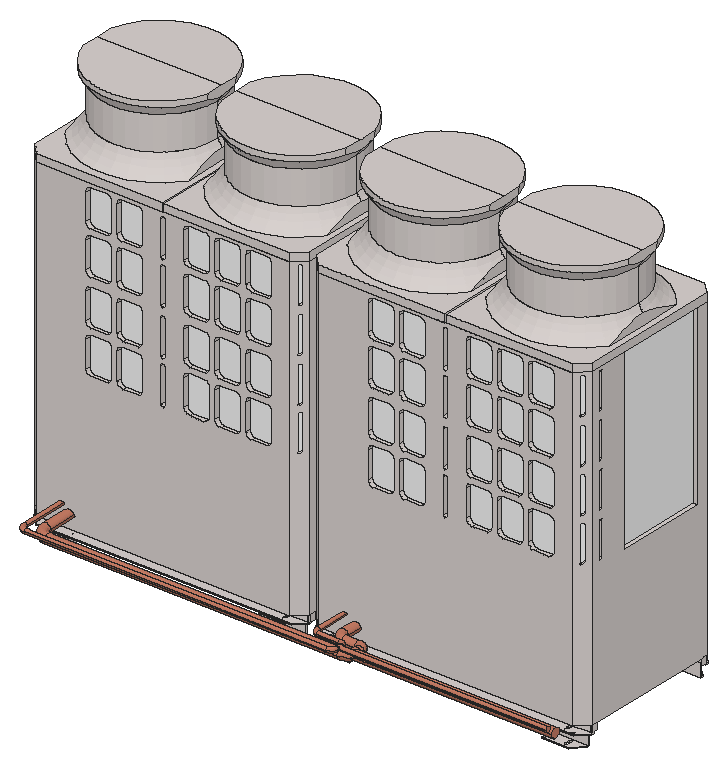
Revit family "PUHY-P850YSNW-A1", category Mechanical Equipment, Revit 2016 (continued)
Definition of nested family "PUHY-P400YNW-A1"
  Lines and regions (mm)
    model lines
      curve 51: line (-620, 215.7, 1521) -> (-620, 215.7, 705)
      curve 52: line (-620, 235.7, 705) -> (-620, -162.3, 705)
      curve 53: line (-620, 176.7, 268) -> (-620, -103.3, 268)
      curve 54: line (-620, -103.3, 248) -> (-620, 176.7, 248)
      curve 55: arc (-620, 186.7, 258) -> (-620, 183.771, 265.071) -> (-620, 176.7, 268) r 10
      curve 56: arc (-620, 176.7, 248) -> (-620, 183.771, 250.929) -> (-620, 186.7, 258) r 10
      curve 57: arc (-620, -103.3, 268) -> (-620, -110.371, 265.071) -> (-620, -113.3, 258) r 10
      curve 58: arc (-620, -113.3, 258) -> (-620, -110.371, 250.929) -> (-620, -103.3, 248) r 10
      curve 59: line (-620, 176.7, 373) -> (-620, -103.3, 373)
      curve 60: line (-620, -103.3, 353) -> (-620, 176.7, 353)
      curve 61: arc (-620, 186.7, 363) -> (-620, 183.771, 370.071) -> (-620, 176.7, 373) r 10
      curve 62: arc (-620, 176.7, 353) -> (-620, 183.771, 355.929) -> (-620, 186.7, 363) r 10
      curve 63: arc (-620, -103.3, 373) -> (-620, -110.371, 370.071) -> (-620, -113.3, 363) r 10
      curve 64: arc (-620, -113.3, 363) -> (-620, -110.371, 355.929) -> (-620, -103.3, 353) r 10
      curve 65: line (-620, 176.7, 478) -> (-620, -103.3, 478)
      curve 66: line (-620, -103.3, 458) -> (-620, 176.7, 458)
      curve 67: arc (-620, 186.7, 468) -> (-620, 183.771, 475.071) -> (-620, 176.7, 478) r 10
      curve 68: arc (-620, 176.7, 458) -> (-620, 183.771, 460.929) -> (-620, 186.7, 468) r 10
      curve 69: arc (-620, -103.3, 478) -> (-620, -110.371, 475.071) -> (-620, -113.3, 468) r 10
      curve 70: arc (-620, -113.3, 468) -> (-620, -110.371, 460.929) -> (-620, -103.3, 458) r 10
      curve 71: line (-620, 176.7, 583) -> (-620, -103.3, 583)
      curve 72: line (-620, -103.3, 563) -> (-620, 176.7, 563)
      curve 73: arc (-620, 186.7, 573) -> (-620, 183.771, 580.071) -> (-620, 176.7, 583) r 10
      curve 74: arc (-620, 176.7, 563) -> (-620, 183.771, 565.929) -> (-620, 186.7, 573) r 10
      curve 75: arc (-620, -103.3, 583) -> (-620, -110.371, 580.071) -> (-620, -113.3, 573) r 10
      curve 76: arc (-620, -113.3, 573) -> (-620, -110.371, 565.929) -> (-620, -103.3, 563) r 10
      curve 77: line (-544, 370, 1521) -> (-544, 370, 95)
      curve 78: line (489, 370, 649) -> (30, 370, 649)
      curve 79: line (-30.5, 370, 649) -> (-544, 370, 649)
      curve 80: line (-147.25, 370, 584) -> (-427.25, 370, 584)
      curve 81: line (-427.25, 370, 564) -> (-147.25, 370, 564)
      curve 82: arc (-137.25, 370, 574) -> (-140.179, 370, 581.071) -> (-147.25, 370, 584) r 10
      curve 83: arc (-147.25, 370, 564) -> (-140.179, 370, 566.929) -> (-137.25, 370, 574) r 10
      curve 84: arc (-427.25, 370, 584) -> (-434.321, 370, 581.071) -> (-437.25, 370, 574) r 10
      curve 85: arc (-437.25, 370, 574) -> (-434.321, 370, 566.929) -> (-427.25, 370, 564) r 10
      curve 86: circle (448, -185, 1521) r 15 normal (0, 0, 1)
      curve 87: circle (468, -185, 95) r 26 normal (0, 0, 1)
      curve 88: circle (448, -260, 95) r 32.5 normal (0, 0, 1)
      curve 89: circle (404, -204, 95) r 17 normal (0, 0, 1)
      curve 90: line (-550, -370, 1521) -> (-550, -370, 95)
      curve 91: line (-550, -370, 716) -> (-30, -370, 716)
      curve 92: line (550, -370, 95) -> (550, -370, 1521)
      curve 93: line (30, -370, 716) -> (550, -370, 716)
      curve 94: line (-30.5, 370, 1521) -> (-30.5, 370, 95)
      curve 95: line (30, 370, 1521) -> (30, 370, 95)
      curve 96: line (489, 370, 1521) -> (489, 370, 95)
      curve 97: line (467, 370, 669) -> (467, 370, 649)
      curve 98: line (-352, -370, 223) -> (-550, -370, 223)
      curve 99: line (-342, -370, 213) -> (-342, -370, 95)
      curve 100: arc (-342, -370, 213) -> (-344.929, -370, 220.071) -> (-352, -370, 223) r 10
      curve 101: circle (488, -370, 160) r 32.5 normal (0, -1, 0)
      curve 102: circle (488, -370, 160) r 20 normal (0, -1, 0)
      curve 103: circle (364, -370, 150) r 17 normal (0, -1, 0)
      curve 104: circle (413, -370, 185) r 26 normal (0, -1, 0)
      curve 105: circle (413, -370, 185) r 13.5 normal (0, -1, 0)
      curve 106: line (352, -370, 223) -> (550, -370, 223)
      curve 107: line (342, -370, 213) -> (342, -370, 95)
      curve 108: arc (342, -370, 213) -> (344.929, -370, 220.071) -> (352, -370, 223) r 10
      curve 109: line (-147.25, 370, 479) -> (-427.25, 370, 479)
      curve 110: line (-427.25, 370, 459) -> (-147.25, 370, 459)
      curve 111: arc (-137.25, 370, 469) -> (-140.179, 370, 476.071) -> (-147.25, 370, 479) r 10
      curve 112: arc (-147.25, 370, 459) -> (-140.179, 370, 461.929) -> (-137.25, 370, 469) r 10
      curve 113: arc (-427.25, 370, 479) -> (-434.321, 370, 476.071) -> (-437.25, 370, 469) r 10
      curve 114: arc (-437.25, 370, 469) -> (-434.321, 370, 461.929) -> (-427.25, 370, 459) r 10
      curve 115: line (-147.25, 370, 374) -> (-427.25, 370, 374)
      curve 116: line (-427.25, 370, 354) -> (-147.25, 370, 354)
      curve 117: arc (-137.25, 370, 364) -> (-140.179, 370, 371.071) -> (-147.25, 370, 374) r 10
      curve 118: arc (-147.25, 370, 354) -> (-140.179, 370, 356.929) -> (-137.25, 370, 364) r 10
      curve 119: arc (-427.25, 370, 374) -> (-434.321, 370, 371.071) -> (-437.25, 370, 364) r 10
      curve 120: arc (-437.25, 370, 364) -> (-434.321, 370, 356.929) -> (-427.25, 370, 354) r 10
      curve 121: line (-147.25, 370, 269) -> (-427.25, 370, 269)
      curve 122: line (-427.25, 370, 249) -> (-147.25, 370, 249)
      curve 123: arc (-137.25, 370, 259) -> (-140.179, 370, 266.071) -> (-147.25, 370, 269) r 10
      curve 124: arc (-147.25, 370, 249) -> (-140.179, 370, 251.929) -> (-137.25, 370, 259) r 10
      curve 125: arc (-427.25, 370, 269) -> (-434.321, 370, 266.071) -> (-437.25, 370, 259) r 10
      curve 126: arc (-437.25, 370, 259) -> (-434.321, 370, 251.929) -> (-427.25, 370, 249) r 10
      curve 127: line (399.5, 370, 584) -> (119.5, 370, 584)
      curve 128: line (119.5, 370, 564) -> (399.5, 370, 564)
      curve 129: arc (409.5, 370, 574) -> (406.571, 370, 581.071) -> (399.5, 370, 584) r 10
      curve 130: arc (399.5, 370, 564) -> (406.571, 370, 566.929) -> (409.5, 370, 574) r 10
      curve 131: arc (119.5, 370, 584) -> (112.429, 370, 581.071) -> (109.5, 370, 574) r 10
      curve 132: arc (109.5, 370, 574) -> (112.429, 370, 566.929) -> (119.5, 370, 564) r 10
      curve 133: line (399.5, 370, 479) -> (119.5, 370, 479)
      curve 134: line (119.5, 370, 459) -> (399.5, 370, 459)
      curve 135: arc (409.5, 370, 469) -> (406.571, 370, 476.071) -> (399.5, 370, 479) r 10
      curve 136: arc (399.5, 370, 459) -> (406.571, 370, 461.929) -> (409.5, 370, 469) r 10
      curve 137: arc (119.5, 370, 479) -> (112.429, 370, 476.071) -> (109.5, 370, 469) r 10
      curve 138: arc (109.5, 370, 469) -> (112.429, 370, 461.929) -> (119.5, 370, 459) r 10
      curve 139: line (399.5, 370, 374) -> (119.5, 370, 374)
      curve 140: line (119.5, 370, 354) -> (399.5, 370, 354)
      curve 141: arc (409.5, 370, 364) -> (406.571, 370, 371.071) -> (399.5, 370, 374) r 10
      curve 142: arc (399.5, 370, 354) -> (406.571, 370, 356.929) -> (409.5, 370, 364) r 10
      curve 143: arc (119.5, 370, 374) -> (112.429, 370, 371.071) -> (109.5, 370, 364) r 10
      curve 144: arc (109.5, 370, 364) -> (112.429, 370, 356.929) -> (119.5, 370, 354) r 10
      curve 145: line (399.5, 370, 269) -> (119.5, 370, 269)
      curve 146: line (119.5, 370, 249) -> (399.5, 370, 249)
      curve 147: arc (409.5, 370, 259) -> (406.571, 370, 266.071) -> (399.5, 370, 269) r 10
      curve 148: arc (399.5, 370, 249) -> (406.571, 370, 251.929) -> (409.5, 370, 259) r 10
      curve 149: arc (119.5, 370, 269) -> (112.429, 370, 266.071) -> (109.5, 370, 259) r 10
      curve 150: arc (109.5, 370, 259) -> (112.429, 370, 251.929) -> (119.5, 370, 249) r 10
      curve 151: line (399.5, -370, 584) -> (119.5, -370, 584)
      curve 152: line (119.5, -370, 564) -> (399.5, -370, 564)
      curve 153: arc (409.5, -370, 574) -> (406.571, -370, 581.071) -> (399.5, -370, 584) r 10
      curve 154: arc (399.5, -370, 564) -> (406.571, -370, 566.929) -> (409.5, -370, 574) r 10
      curve 155: arc (119.5, -370, 584) -> (112.429, -370, 581.071) -> (109.5, -370, 574) r 10
      curve 156: arc (109.5, -370, 574) -> (112.429, -370, 566.929) -> (119.5, -370, 564) r 10
      curve 157: line (399.5, -370, 479) -> (119.5, -370, 479)
      curve 158: line (119.5, -370, 459) -> (399.5, -370, 459)
      curve 159: arc (409.5, -370, 469) -> (406.571, -370, 476.071) -> (399.5, -370, 479) r 10
      curve 160: arc (399.5, -370, 459) -> (406.571, -370, 461.929) -> (409.5, -370, 469) r 10
      curve 161: arc (119.5, -370, 479) -> (112.429, -370, 476.071) -> (109.5, -370, 469) r 10
      curve 162: arc (109.5, -370, 469) -> (112.429, -370, 461.929) -> (119.5, -370, 459) r 10
      curve 163: line (399.5, -370, 374) -> (119.5, -370, 374)
      curve 164: line (119.5, -370, 354) -> (399.5, -370, 354)
      curve 165: arc (409.5, -370, 364) -> (406.571, -370, 371.071) -> (399.5, -370, 374) r 10
      curve 166: arc (399.5, -370, 354) -> (406.571, -370, 356.929) -> (409.5, -370, 364) r 10
      curve 167: arc (119.5, -370, 374) -> (112.429, -370, 371.071) -> (109.5, -370, 364) r 10
      curve 168: arc (109.5, -370, 364) -> (112.429, -370, 356.929) -> (119.5, -370, 354) r 10
      curve 169: arc (119.5, -370, 269) -> (112.429, -370, 266.071) -> (109.5, -370, 259) r 10
      curve 170: arc (109.5, -370, 259) -> (112.429, -370, 251.929) -> (119.5, -370, 249) r 10
      curve 171: line (-147.25, -370, 584) -> (-427.25, -370, 584)
      curve 172: line (-427.25, -370, 564) -> (-147.25, -370, 564)
      curve 173: arc (-137.25, -370, 574) -> (-140.179, -370, 581.071) -> (-147.25, -370, 584) r 10
      curve 174: arc (-147.25, -370, 564) -> (-140.179, -370, 566.929) -> (-137.25, -370, 574) r 10
      curve 175: arc (-427.25, -370, 584) -> (-434.321, -370, 581.071) -> (-437.25, -370, 574) r 10
      curve 176: arc (-437.25, -370, 574) -> (-434.321, -370, 566.929) -> (-427.25, -370, 564) r 10
      curve 177: line (-147.25, -370, 479) -> (-427.25, -370, 479)
      curve 178: line (-427.25, -370, 459) -> (-147.25, -370, 459)
      curve 179: arc (-137.25, -370, 469) -> (-140.179, -370, 476.071) -> (-147.25, -370, 479) r 10
      curve 180: arc (-147.25, -370, 459) -> (-140.179, -370, 461.929) -> (-137.25, -370, 469) r 10
      curve 181: arc (-427.25, -370, 479) -> (-434.321, -370, 476.071) -> (-437.25, -370, 469) r 10
      curve 182: arc (-437.25, -370, 469) -> (-434.321, -370, 461.929) -> (-427.25, -370, 459) r 10
      curve 183: line (-147.25, -370, 374) -> (-427.25, -370, 374)
      curve 184: line (-427.25, -370, 354) -> (-147.25, -370, 354)
      curve 185: arc (-137.25, -370, 364) -> (-140.179, -370, 371.071) -> (-147.25, -370, 374) r 10
      curve 186: arc (-147.25, -370, 354) -> (-140.179, -370, 356.929) -> (-137.25, -370, 364) r 10
      curve 187: arc (-427.25, -370, 374) -> (-434.321, -370, 371.071) -> (-437.25, -370, 364) r 10
      curve 188: arc (-437.25, -370, 364) -> (-434.321, -370, 356.929) -> (-427.25, -370, 354) r 10
      curve 189: line (-147.25, -370, 269) -> (-262.25, -370, 269)
      curve 190: line (-262.25, -370, 249) -> (-147.25, -370, 249)
      curve 191: arc (-137.25, -370, 259) -> (-140.179, -370, 266.071) -> (-147.25, -370, 269) r 10
      curve 192: arc (-147.25, -370, 249) -> (-140.179, -370, 251.929) -> (-137.25, -370, 259) r 10
      curve 193: arc (-262.25, -370, 269) -> (-269.321, -370, 266.071) -> (-272.25, -370, 259) r 10
      curve 194: arc (-272.25, -370, 259) -> (-269.321, -370, 251.929) -> (-262.25, -370, 249) r 10
      curve 195: line (234.5, -370, 269) -> (119.5, -370, 269)
      curve 196: line (119.5, -370, 249) -> (234.5, -370, 249)
      curve 197: arc (244.5, -370, 259) -> (241.571, -370, 266.071) -> (234.5, -370, 269) r 10
      curve 198: arc (234.5, -370, 249) -> (241.571, -370, 251.929) -> (244.5, -370, 259) r 10
  Dimensions and locks
    nested 2 to nested 2 = 303.000 mm
    cut or joined group 1 (Extrusion 1, Extrusion 2, Extrusion 3, Extrusion 4, Extrusion 5, Extrusion 6, Extrusion 7, Extrusion 8, Extrusion 9, Extrusion 10, Extrusion 11, Extrusion 12, Extrusion 13, Extrusion 14, Extrusion 15, Extrusion 16, Extrusion 17, Extrusion 18, Extrusion 19, Extrusion 20, Extrusion 21, Extrusion 22, Extrusion 23, Extrusion 24, Extrusion 25, Extrusion 26, Extrusion 27, Extrusion 28, Extrusion 29, Extrusion 30, Extrusion 31, Extrusion 32, Extrusion 33) to cut or joined group 1 = 1240.000 mm
    Extrusion 2 sketch curve to Extrusion 2 sketch curve = 116.800 mm
    Extrusion 2 sketch curve to Extrusion 2 sketch curve = 170.800 mm
    Extrusion 3 sketch curve to Extrusion 3 sketch curve = 116.800 mm
    Extrusion 3 sketch curve to Extrusion 3 sketch curve = 170.800 mm
    Extrusion 4 sketch curve to Extrusion 4 sketch curve = 116.800 mm
    Extrusion 4 sketch curve to Extrusion 4 sketch curve = 170.800 mm
    Extrusion 5 sketch curve to Extrusion 5 sketch curve = 116.800 mm
    Extrusion 5 sketch curve to Extrusion 5 sketch curve = 170.800 mm
    Extrusion 6 sketch curve to Extrusion 6 sketch curve = 116.800 mm
    Extrusion 6 sketch curve to Extrusion 6 sketch curve = 170.800 mm
    Extrusion 7 sketch curve to Extrusion 7 sketch curve = 116.800 mm
    Extrusion 7 sketch curve to Extrusion 7 sketch curve = 170.800 mm
    Extrusion 8 sketch curve to Extrusion 8 sketch curve = 116.800 mm
    Extrusion 8 sketch curve to Extrusion 8 sketch curve = 170.800 mm
    Extrusion 9 sketch curve to Extrusion 9 sketch curve = 116.800 mm
    Extrusion 9 sketch curve to Extrusion 9 sketch curve = 170.800 mm
    cut or joined group 1 to cut or joined group 1 = 50.000 mm  (x2)
    Extrusion 10 sketch curve to Extrusion 10 sketch curve = 116.800 mm
    Extrusion 10 sketch curve to Extrusion 10 sketch curve = 170.800 mm
    Extrusion 11 sketch curve to Extrusion 11 sketch curve = 116.800 mm
    Extrusion 11 sketch curve to Extrusion 11 sketch curve = 170.800 mm
    Extrusion 12 sketch curve to Extrusion 12 sketch curve = 116.800 mm
    Extrusion 12 sketch curve to Extrusion 12 sketch curve = 170.800 mm
    Extrusion 13 sketch curve to Extrusion 13 sketch curve = 116.800 mm
    Extrusion 13 sketch curve to Extrusion 13 sketch curve = 170.800 mm
    Extrusion 14 sketch curve to Extrusion 14 sketch curve = 116.800 mm
    Extrusion 14 sketch curve to Extrusion 14 sketch curve = 170.800 mm
    Extrusion 15 sketch curve to Extrusion 15 sketch curve = 116.800 mm
    Extrusion 15 sketch curve to Extrusion 15 sketch curve = 170.800 mm
    Extrusion 16 sketch curve to Extrusion 16 sketch curve = 116.800 mm
    Extrusion 16 sketch curve to Extrusion 16 sketch curve = 170.800 mm
    Extrusion 17 sketch curve to Extrusion 17 sketch curve = 116.800 mm
    Extrusion 17 sketch curve to Extrusion 17 sketch curve = 170.800 mm
    Extrusion 18 sketch curve to Extrusion 18 sketch curve = 116.800 mm
    Extrusion 18 sketch curve to Extrusion 18 sketch curve = 170.800 mm
    Extrusion 19 sketch curve to Extrusion 19 sketch curve = 116.800 mm
    Extrusion 19 sketch curve to Extrusion 19 sketch curve = 170.800 mm
    Extrusion 20 sketch curve to Extrusion 20 sketch curve = 116.800 mm
    Extrusion 20 sketch curve to Extrusion 20 sketch curve = 170.800 mm
    Extrusion 21 sketch curve to Extrusion 21 sketch curve = 116.800 mm
    Extrusion 21 sketch curve to Extrusion 21 sketch curve = 170.800 mm
    plane 3 "Center (Left/Right)" to cut or joined group 1 = 620.000 mm
    cut or joined group 1 to plane 3 "Center (Left/Right)" = 620.000 mm
    Extrusion 1 sketch curve to Extrusion 1 sketch curve = 1240.000 mm
    cut or joined group 1 to plane 8 = 185.000 mm
    cut or joined group 1 to plane 7 = 166.000 mm
    cut or joined group 1 to plane 6 = 110.000 mm
    cut or joined group 1 to plane 12 to cut or joined group 1 = 805.000 mm, 621.000 mm
    plane 5 to plane 2 = 1858.000 mm  (x2)
    cut or joined group 1 to plane 19 "132" = 132.000 mm
    cut or joined group 1 to plane 22 = 207.000 mm
    cut or joined group 1 to plane 23 = 256.000 mm
    cut or joined group 1 to plane 6 = 60.000 mm
    cut or joined group 1 to cut or joined group 1 = 42.154 mm
    cut or joined group 1 to cut or joined group 1 = 11.895 mm
    nested 1 to nested 3 to level = 1798.000 mm, 60.000 mm
    nested 1 to nested 1 = 303.000 mm
    nested 1 to nested 3 = 1495.000 mm
    nested 8 to nested 8 to nested 8 to nested 7 to nested 7 to nested 7 = 54.000 mm, 20.000 mm, 592.000 mm, 20.000 mm, 54.000 mm
    nested 3 to nested 3 = 56.000 mm
    plane 11 to plane 31 to plane 32 to cut or joined group 1 = 90.000 mm, 1060.000 mm, 90.000 mm
    curve 103 to nested 7 = 90.000 mm
    curve 104 to nested 7 = 125.000 mm
    curve 101 to nested 7 = 100.000 mm
    curve 11 to curve 13 to nested 7 = 84.000 mm, 71.000 mm
    cut or joined group 1 to curve 12 to curve 14 = 125.000 mm, 148.000 mm
    nested 2 to nested 7 = 1495.000 mm
    curve 87 to cut or joined group 1 = 152.000 mm
    curve 88 to cut or joined group 1 = 172.000 mm
    curve 89 to cut or joined group 1 = 216.000 mm
    cut or joined group 1 to curve 4 to curve 2 = 128.000 mm, 150.000 mm
    cut or joined group 1 to curve 1 to curve 3 = 79.000 mm, 94.000 mm
    Extrusion 32 sketch curve to nested 7 = 116.000 mm
    cut or joined group 1 to Extrusion 32 sketch curve = 160.000 mm
    cut or joined group 1 to Extrusion 33 sketch curve = 243.000 mm
    Extrusion 33 sketch curve to nested 7 = 116.000 mm
    cut or joined group 1 to cut or joined group 1 = 740.000 mm
    plane 30 to plane 4 = 740.000 mm
    aligned and locked: level to plane 2
    aligned and locked: Extrusion 1 to plane 4
  Nested families
    nested 1: "FAN GUARD" at (-311.5, 2, 860), type "FAN GUARD"
      with WIDTH 870.000 mm
    nested 2: "FAN GUARD" at (311.5, 2, 860) x (-1, 0, 0) z (0, 0, 1), type "FAN GUARD"
      with WIDTH 870.000 mm
    nested 3: "ATTACHMENT LEG" at (-524, -349, 0), type "ATTACHMENT LEG"
    nested 4: "ATTACHMENT LEG" at (-524, 349, 0), type "ATTACHMENT LEG"
    nested 5: "ATTACHMENT LEG" at (524, -349, 0) x (-1, 0, 0) z (0, 0, 1), type "ATTACHMENT LEG"
    nested 6: "ATTACHMENT LEG" at (524, 349, 0) x (-1, 0, 0) z (0, 0, 1), type "ATTACHMENT LEG"
    nested 7: "BASE LEG_L_" at (0, -352, 60), type "BASE LEG_L_"
      with Width 1240.000 mm
    nested 8: "BASE LEG_L_" at (0, 352, 60), type "BASE LEG_L_"
      with Width 1240.000 mm
  Connectors
    piping at (-460, -191, 176), diameter 25.4, driven by "Liquid pipe_radius"
      settings: on cut or joined group 1, index 3, connector inside diameter 25.4 mm, connector length 0.000 mm, flow factor 0, pipe flow 0.0 L/s, pressure drop 0.0 Pa, fitting loss kfactor 0, connector angle 0.00°, fixture units 0, engagement length 0.000 mm, angle of deflection 0.00°, flow configuration 0, flow direction 0, fitting loss method 0, system type 22, joint type 0, gender type 0, connector reference index -1, connector utility 0, adjustable connector no, is connector primary yes, connector description "Refrigerant service valve<Liquid pipe>"
    piping at (-377, -191, 176), diameter 28.58, driven by "Gas pipe_radius"
      settings: on cut or joined group 1, index 4, connector inside diameter 28.58 mm, connector length 0.000 mm, flow factor 0, pipe flow 0.0 L/s, pressure drop 0.0 Pa, fitting loss kfactor 0, connector angle 0.00°, fixture units 0, engagement length 0.000 mm, angle of deflection 0.00°, flow configuration 0, flow direction 0, fitting loss method 0, system type 22, joint type 0, gender type 0, connector reference index -1, connector utility 0, adjustable connector no, is connector primary no, connector description "Refrigerant service valve<Gas>"
    electrical at (0, -370, 808)
      settings: on cut or joined group 1, index 5, voltage 0 V, apparent load 0 VA, apparent load phase1 0 VA, apparent load phase2 0 VA, apparent load phase3 0 VA, power factor 1, load classification none, number of poles 1, system type 30, power factor state 1, is connector primary yes, connector utility no, sub classification motor no, connector description ""
  Definition of nested family "FAN GUARD"
    Parameters
      WIDTH [instance] = 870.000 mm
    Reference planes
      plane 1 "中心(正面/背面)": y = -2
      plane 2: z = 0
      plane 3 "ファンガード基準面": z = 661
      plane 4: y = 368
      plane 5: x = 366
      plane 6: x = -375
      plane 7 "ファンガード基準上面": z = 695
      plane 8 "ファンガード上面": z = 998
      plane 9: x = -273.971
      plane 10: x = 308.5
      plane 11: x = -308.5
      plane 12: x = 0
    Forms (mm)
      Extrusion 1, solid
        sketch origin (85, 0, 661) x (-1, 0, 0) y (0, -1, 0)
          loop
            line (343.5, -368) -> (393.5, -318) -> (393.5, 322) -> (343.5, 372) -> (-223.5, 372) -> (-223.5, -368) -> (343.5, -368)
        from 0 to 34
      Revolve 2, solid
        sketch origin (0, -2, 0) x (1, 0, 0) y (0, 0, 1)
          loop
            line (0, 695) -> (0, 998) -> (-290, 998) -> (-290, 972.327) -> (-260, 928.372) -> (-260, 777.384)
            arc (-260, 777.384) -> (-290.651, 730.137) -> (-334.665, 695) r 175.882
            line (-334.665, 695) -> (0, 695)
          axis (0, 998) -> (0, 695)
        angle from 0 to 360
      Extrusion 3, void
        sketch origin (-840, 75, 695) x (-1, 0, 0) y (0, -1, 0)
          loop
            line (-410, -165) -> (-410, 315) -> (-561.253, 315) -> (-561.253, -165) -> (-410, -165)
        from -35 to 430.592
      Extrusion 4, void
        sketch origin (840, 75, 695) x (1, 0, 0) y (0, 1, 0)
          loop
            line (-410, 165) -> (-561.253, 165) -> (-561.253, -315) -> (-410, -315) -> (-410, 165)
        from 0 to 430.592
    Cuts and joins
      Extrusion 3, Extrusion 4 cuts Revolve 2
      Extrusion 4 cuts Extrusion 1
    Lines and regions (mm)
      model lines
        curve 1: line (-278.747, 0, 998) -> (-80, 0, 998)
        curve 2: line (80, 0, 998) -> (278.747, 0, 998)
        curve 3: circle (0, 0, 998) r 80 normal (0, 0, 1)
        curve 4: line (-278.747, -80, 998) -> (278.747, -80, 998)
        curve 5: line (-241.868, -160, 998) -> (241.868, -160, 998)
        curve 6: line (-162.788, -240, 998) -> (162.788, -240, 998)
        curve 7: line (-278.747, 80, 998) -> (278.747, 80, 998)
        curve 8: line (-241.868, 160, 998) -> (240, 160, 998)
        curve 9: line (-160, 240, 998) -> (162.788, 240, 998)
        curve 10: line (0, 290, 998) -> (0, -290, 998)
        curve 11: line (-20, 289.31, 998) -> (-20, -289.31, 998)
        curve 12: line (-40, 287.228, 998) -> (-40, -287.228, 998)
        curve 13: line (-60, 283.725, 998) -> (-60, -283.725, 998)
        curve 14: line (-80, 278.747, 998) -> (-80, -278.747, 998)
        curve 15: line (20, 289.31, 998) -> (20, -289.31, 998)
        curve 16: line (40, 287.228, 998) -> (40, -287.228, 998)
        curve 17: line (60, 283.725, 998) -> (60, -283.725, 998)
        curve 18: line (80, 278.747, 998) -> (80, -278.747, 998)
        curve 19: line (100, 272.213, 998) -> (100, -272.213, 998)
        curve 20: line (120, 264.008, 998) -> (120, -264.008, 998)
        curve 21: line (140, 253.969, 998) -> (140, -253.969, 998)
        curve 22: line (160, 241.868, 998) -> (160, -243.132, 998)
        curve 23: line (180, 227.376, 998) -> (180, -227.624, 998)
        curve 24: line (200, 210, 998) -> (200, -210, 998)
        curve 25: line (220, 188.944, 998) -> (220, -188.944, 998)
        curve 26: line (240, 160, 998) -> (240, -162.788, 998)
        curve 27: line (260, 128.452, 998) -> (260, -128.452, 998)
        curve 28: line (-100, 272.213, 998) -> (-100, -272.213, 998)
        curve 29: line (-120, 264.008, 998) -> (-120, -264.008, 998)
        curve 30: line (-140, 253.969, 998) -> (-140, -253.969, 998)
        curve 31: line (-160, 240, 998) -> (-160, -241.868, 998)
        curve 32: line (-180, 227.376, 998) -> (-180, -227.376, 998)
        curve 33: line (-200, 210, 998) -> (-200, -210, 998)
        curve 34: line (-220, 188.944, 998) -> (-220, -188.944, 998)
        curve 35: line (-240, 162.788, 998) -> (-240, -162.788, 998)
        curve 36: line (-260, 128.452, 998) -> (-260, -128.452, 998)
        curve 37: line (10, 79.373, 998) -> (10, -79.373, 998)
        curve 38: line (-10, 79.373, 998) -> (-10, -79.373, 998)
        curve 39: line (30, 74.162, 998) -> (30, -74.162, 998)
        curve 40: line (50, 62.45, 998) -> (50, -62.45, 998)
        curve 41: line (70, 38.73, 998) -> (70, -38.73, 998)
        curve 42: line (-30, 74.162, 998) -> (-30, -74.162, 998)
        curve 43: line (-50, 62.45, 998) -> (-50, -62.45, 998)
        curve 44: line (-70, 38.73, 998) -> (-70, -38.73, 998)
    Dimensions and locks
      locked: plane 8 "ファンガード上面" to plane 7 "ファンガード基準上面" at 303
      plane 8 "ファンガード上面" to plane 3 "ファンガード基準面" = 337.000 mm
      Revolve 2 sketch curve to Revolve 2 sketch curve = 290.000 mm
      Extrusion 1 sketch curve to Extrusion 1 sketch curve = 740.000 mm
      equal spacing: Extrusion 1 sketch curve, plane 1 "中心(正面/背面)", Extrusion 1 sketch curve
      plane 6 to plane 5 = 741.000 mm
      Extrusion 1 sketch curve to Extrusion 1 sketch curve = 617.000 mm
      plane 11 to plane 10 = 617.000 mm
      cut or joined group of Extrusion 1, Extrusion 4 to cut or joined group of Extrusion 1, Extrusion 4 = 617.000 mm
      cut or joined group of Extrusion 1, Extrusion 4 to cut or joined group of Extrusion 1, Extrusion 4 = 740.000 mm
      aligned and locked: level to plane 2
      aligned and locked: plane 7 "ファンガード基準上面" to Extrusion 1
      aligned and locked: plane 3 "ファンガード基準面" to Extrusion 1
      aligned and locked: cut or joined group of Revolve 2, Extrusion 3, Extrusion 4 to plane 8 "ファンガード上面"
  Definition of nested family "ATTACHMENT LEG"
    Parameters
      Width = 145.000 mm
    Reference planes
      plane 1: z = 0
      plane 2 "中心(左/右)": x = -6
      plane 3: x = -52
      plane 4: x = 85
      plane 5: x = 93
      plane 6: y = -21
      plane 7: y = 27
      plane 8: x = -30
      plane 9: y = 39
      plane 10: z = 60
      plane 11: z = 57
      plane 12: z = 3
      plane 13: x = 82
      plane 14: y = 36
      plane 15: x = -75
      plane 16: y = 31
      plane 17 "幅": x = 93
      plane 18: y = 2.5
      plane 19: y = 21
      plane 20: y = -10
    Forms (mm)
      Extrusion 1, solid
        sketch origin (0, -1, 0) x (1, 0, 0) y (0, 1, 0)
          loop
            line (-75, 36) -> (-75, 27) -> (-28, -20) -> (93, -20) -> (93, 32) -> (85, 32) -> (85, 36) -> (-75, 36)
        from 0 to 60
      Extrusion 2, void
        sketch origin (0, -3, 0) x (1, 0, 0) y (0, 0, 1)
          loop
            line (-75, 57) -> (-75, 3) -> (82, 3) -> (82, 57) -> (-75, 57)
          loop
            line (93, 57) -> (85, 57) -> (85, 3) -> (93, 3) -> (93, 57)
        from -35 to 18
      Extrusion 3, void
        sketch origin (-6, 5.5, 0) x (1, 0, 0) y (0, 1, 0)
          loop
            arc (-7, -8.5) -> (0, -15.5) -> (7, -8.5) r 7
            line (7, -8.5) -> (7, 8.5)
            arc (7, 8.5) -> (0, 15.5) -> (-7, 8.5) r 7
            line (-7, 8.5) -> (-7, -8.5)
        from 0 to 60
    Cuts and joins
      Extrusion 2, Extrusion 3 cuts Extrusion 1
    Dimensions and locks
      locked: plane 3 to plane 4 at 137
      locked: plane 3 to plane 5 at 145
      plane 6 to plane 7 = 48.000 mm
      locked: plane 10 to level at 60
      Extrusion 3 sketch curve to plane 2 "中心(左/右)" = 7.000 mm
      locked: plane 15 to plane 2 "中心(左/右)" at 69
      locked: plane 15 to plane 8 at 45
      locked: plane 6 to plane 18 at 23.5
      cut or joined group of Extrusion 1, Extrusion 2, Extrusion 3 to cut or joined group of Extrusion 1, Extrusion 2, Extrusion 3 = 168.000 mm
      cut or joined group of Extrusion 1, Extrusion 2, Extrusion 3 to cut or joined group of Extrusion 1, Extrusion 2, Extrusion 3 = 56.000 mm  (x2)
      plane 14 to plane 6 = 57.000 mm
      aligned and locked: level to plane 1
      aligned and locked: Extrusion 1 sketch curve to plane 4
      aligned and locked: Extrusion 1 sketch curve to plane 5
      aligned: plane 8 to Extrusion 1 sketch curve
      aligned and locked: plane 10 to Extrusion 1
      aligned and locked: Extrusion 2 sketch curve to plane 11
      aligned: plane 3 to Extrusion 2 sketch curve
      aligned and locked: plane 12 to Extrusion 2 sketch curve
      aligned and locked: Extrusion 2 sketch curve to plane 13
      aligned and locked: plane 6 to Extrusion 2
      aligned and locked: plane 11 to Extrusion 2 sketch curve
      aligned and locked: plane 5 to Extrusion 2 sketch curve
      aligned and locked: Extrusion 2 sketch curve to plane 12
      aligned and locked: Extrusion 2 sketch curve to plane 4
      aligned and locked: plane 15 to Extrusion 1 sketch curve
      aligned and locked: Extrusion 2 sketch curve to cut or joined group of Extrusion 1, Extrusion 2, Extrusion 3
      aligned and locked: Extrusion 1 to plane 16
  Definition of nested family "BASE LEG_L_"
    Parameters
      Width [instance] = 1240.000 mm
    Reference planes
      plane 1 "中心(正面/背面)": y = 0
      plane 2: z = 0
      plane 3 "中心(左/右)": x = 0
      plane 4: x = 620
      plane 5: x = -620
      plane 6: x = -530
      plane 7: x = 530
      plane 8: y = -18
      plane 9: y = 39
      plane 10: z = 53
      plane 11: y = 42
      plane 12: y = 27
      plane 13: x = 575
      plane 14: x = -575
      plane 15: z = 8
      plane 16: y = 11.5
      plane 17: z = 35
    Forms (mm)
      Extrusion 1, solid
        sketch origin (0, 0, 0) x (0, 1, 0) y (0, 0, 1)
          loop
            line (-18, 0) -> (36, 0) -> (36, 32) -> (56, 32) -> (56, 35) -> (33, 35) -> (33, 3) -> (-18, 3) -> (-18, 0)
        from -620 to 620
      Extrusion 2, void
        sketch origin (0, 0, 0) x (1, 0, 0) y (0, 1, 0)
          loop
            line (575, -18) -> (620, -18) -> (620, 27) -> (575, -18)
          loop
            line (-575, -18) -> (-620, 27) -> (-620, -18) -> (-575, -18)
        from 0 to 250
      Extrusion 3, void
        sketch origin (0, 12.023, 0) x (1, 0, 0) y (0, 1, 0)
          loop
            arc (523, -2.971) -> (530, -9.971) -> (537, -2.971) r 7
            line (537, -2.971) -> (537, 3.023)
            arc (537, 3.023) -> (530, 10.023) -> (523, 3.023) r 7
            line (523, 3.023) -> (523, -2.971)
          loop
            line (-523, -2.971) -> (-523, 3.023)
            arc (-523, 3.023) -> (-530, 10.023) -> (-537, 3.023) r 7
            line (-537, 3.023) -> (-537, -2.971)
            arc (-537, -2.971) -> (-530, -9.971) -> (-523, -2.971) r 7
        from 0 to 250
      Extrusion 4, solid
        sketch origin (0, 0, -3) x (1, 0, 0) y (0, 0, 1)
          loop
            line (617, 8) -> (620, 8) -> (620, 35) -> (617, 35) -> (617, 8)
          loop
            line (-617, 8) -> (-617, 35) -> (-620, 35) -> (-620, 8) -> (-617, 8)
        from -36 to -56
      Extrusion 5, solid
        sketch origin (150, 352, 0) x (1, 0, 0) y (0, 1, 0)
          loop
            line (460, -319) -> (455, -319) -> (455, -320) -> (405, -370) -> (410, -370) -> (460, -320) -> (460, -319)
        from 3 to 35
      Extrusion 6, void
        sketch origin (560, -18, 0) x (0.707107, 0.707107, 0) y (0, 0, 1)
          loop
            line (70.711, 3) -> (-6.741, 39.767) -> (-6.741, 3) -> (70.711, 3)
        from -190.256 to 23.776
      Extrusion 7, solid
        sketch origin (-150, 352, 0) x (-1, 0, 0) y (0, -1, 0)
          loop
            line (460, 319) -> (460, 320) -> (410, 370) -> (405, 370) -> (455, 320) -> (455, 319) -> (460, 319)
        from 3 to 35
      Extrusion 8, void
        sketch origin (-560, -18, 0) x (0.707107, -0.707107, 0) y (0, 0, -1)
          loop
            line (-70.711, -3) -> (0, -35) -> (6.741, -35) -> (6.741, -3) -> (-70.711, -3)
        from -190.256 to 23.776
    Cuts and joins
      Extrusion 2, Extrusion 3 cuts Extrusion 1
      joined: Extrusion 1, Extrusion 4
      Extrusion 8 cuts Extrusion 7
      Extrusion 6 cuts Extrusion 5
    Dimensions and locks
      "Width": plane 5 to plane 4
      equal spacing: plane 5, plane 3 "中心(左/右)", plane 4
      locked: plane 5 to plane 6 at 90
      locked: plane 7 to plane 4 at 90
      locked: plane 8 to plane 9 at 57
      locked: plane 10 to level at 53
      locked: plane 9 to plane 11 at 3
      plane 8 to plane 12 = 45.000 mm
      locked: plane 13 to plane 4 at 45
      locked: plane 5 to plane 14 at 45
      equal spacing: Extrusion 3 sketch curve, plane 7, Extrusion 3 sketch curve
      equal spacing: Extrusion 3 sketch curve, plane 6, Extrusion 3 sketch curve
      locked: plane 10 to plane 15 at 45
      locked: cut or joined group of Extrusion 1, Extrusion 2, Extrusion 3, Extrusion 4 to Extrusion 4 sketch curve at 3  (x2)
      locked: plane 8 to plane 16 at 29.5
      plane 8 to plane 11 = 60.000 mm
      cut or joined group of Extrusion 1, Extrusion 2, Extrusion 3, Extrusion 4 to cut or joined group of Extrusion 1, Extrusion 2, Extrusion 3, Extrusion 4 = 35.000 mm
      aligned and locked: level to plane 2
      aligned and locked: plane 8 to Extrusion 1 sketch curve
      aligned and locked: plane 4 to Extrusion 1
      aligned and locked: Extrusion 1 to plane 5
      aligned and locked: Extrusion 2 sketch curve to plane 4
      aligned and locked: Extrusion 2 sketch curve to plane 8
      aligned and locked: plane 12 to Extrusion 2 sketch curve
      aligned and locked: plane 13 to Extrusion 2 sketch curve
      aligned and locked: plane 4 to Extrusion 4 sketch curve
      aligned and locked: plane 5 to Extrusion 4 sketch curve
      aligned and locked: cut or joined group of Extrusion 7, Extrusion 8 to cut or joined group of Extrusion 1, Extrusion 2, Extrusion 3, Extrusion 4
    Automatic sketch dimensions
      Extrusion 3 sketch curve to plane 1 "中心(正面/背面)" = 9.052 mm  (x2)
      Extrusion 3 sketch curve to plane 7 = 7.000 mm
      Extrusion 3 sketch curve to plane 1 "中心(正面/背面)" = 15.046 mm  (x2)
      Extrusion 3 sketch curve to plane 6 = 7.000 mm
      Extrusion 2 sketch curve to plane 5 = 0.000 mm
      plane 8 to Extrusion 2 sketch curve = 0.000 mm
      Extrusion 2 sketch curve to plane 14 = 0.000 mm
      plane 12 to Extrusion 2 sketch curve = 0.000 mm
      Extrusion 4 sketch curve to plane 10 = 21.000 mm
      plane 7 to Extrusion 5 sketch curve = 25.000 mm
      Extrusion 5 sketch curve to Extrusion 5 sketch curve = 5.000 mm  (x2)
      plane 7 to Extrusion 5 sketch curve = 75.000 mm
      plane 8 to Extrusion 5 sketch curve = 0.000 mm
      Extrusion 5 sketch curve to Extrusion 5 sketch curve = 50.000 mm
      Extrusion 5 sketch curve to Extrusion 5 sketch curve = 0.000 mm
      Extrusion 5 sketch curve to Extrusion 5 sketch curve = 1.000 mm
      Extrusion 6 sketch curve to Extrusion 5 = 0.000 mm  (x2)
      Extrusion 6 sketch curve to Extrusion 5 = 6.741 mm
      Extrusion 6 sketch curve to Extrusion 5 = 4.767 mm
      plane 6 to Extrusion 7 sketch curve = 25.000 mm
      Extrusion 7 sketch curve to Extrusion 7 sketch curve = 5.000 mm  (x2)
      Extrusion 7 sketch curve to Extrusion 7 sketch curve = 45.000 mm
      Extrusion 7 sketch curve to plane 8 = 0.000 mm
      Extrusion 7 sketch curve to Extrusion 7 sketch curve = 50.000 mm
      Extrusion 7 sketch curve to Extrusion 7 sketch curve = 0.000 mm
      Extrusion 7 sketch curve to Extrusion 7 sketch curve = 1.000 mm
      Extrusion 8 sketch curve to Extrusion 7 = 0.000 mm  (x2)
      Extrusion 7 to Extrusion 8 sketch curve = 0.000 mm  (x2)
      Extrusion 7 to Extrusion 8 sketch curve = 6.741 mm
      Extrusion 4 sketch curve to plane 17 = 3.000 mm
      Extrusion 4 sketch curve to plane 15 = 3.000 mm  (x2)
      Extrusion 1 sketch curve to plane 17 = 0.000 mm
      Extrusion 1 sketch curve to level = 0.000 mm
      level to Extrusion 1 sketch curve = 3.000 mm
      plane 9 to Extrusion 1 sketch curve = 6.000 mm
      plane 9 to Extrusion 1 sketch curve = 3.000 mm
      Extrusion 1 sketch curve to plane 17 = 3.000 mm
      Extrusion 1 sketch curve to plane 11 = 14.000 mm
Types (6, lengths in mm): name | Voltage | Hertz | Heating Rated Load Ampacity (A) | Heating Current Input (Nominal) (A) | Heating Current Input (A) | Cooling Rated Load Ampacity (A) | Cooling Current Input (A)
  PUHY-P850YSNW-A1_380V_50Hz | 380 V | 50 Hz | 46.8 | 38.9 | 46.8 | 50.6 | 50.6
  PUHY-P850YSNW-A1_380V_60Hz | 380 V | 60 Hz | 46.8 | 38.9 | 46.8 | 50.6 | 50.6
  PUHY-P850YSNW-A1_400V_50Hz | 400 V | 50 Hz | 44.5 | 36.9 | 44.5 | 48.1 | 48.1
  PUHY-P850YSNW-A1_400V_60Hz | 400 V | 60 Hz | 44.5 | 36.9 | 44.5 | 48.1 | 48.1
  PUHY-P850YSNW-A1_415V_50Hz | 415 V | 50 Hz | 42.9 | 35.6 | 42.9 | 46.3 | 46.3
  PUHY-P850YSNW-A1_415V_60Hz | 415 V | 60 Hz | 42.9 | 35.6 | 42.9 | 46.3 | 46.3
